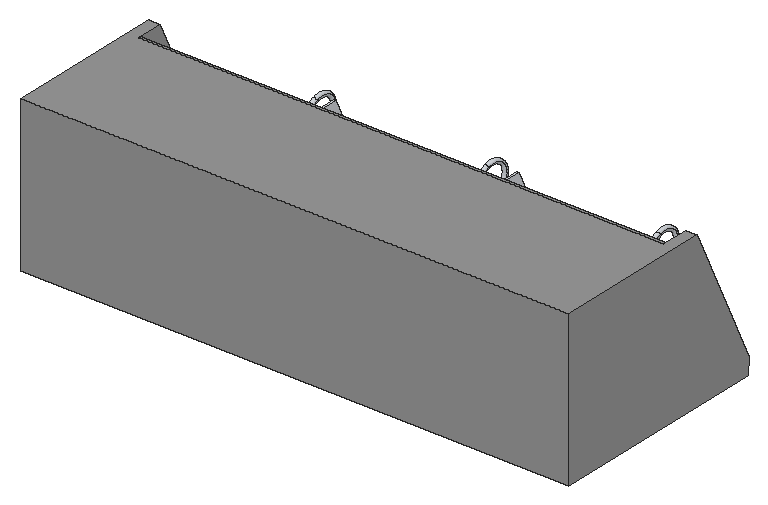
Revit family "Surgical_Scrub_Sink-Willoughby-CWSSS-3", category Plumbing Fixtures, Revit 2015
Parameters (values of type "Standard")
  Waste DIA = 1 1/2"
  Waste Connection = yes
  Vent Connection = no
  URL = "https://www.willoughby-ind.com/wp-content/uploads/2018/01/CWSSS.pdf"
  Revision = "A"
  Model = "CWSSS-3"
  Manufacturer = "Willoughby Industries"
  Inlet DIA = 0' - 0 1/2"
  HW Connection = no
  Fixture Body = Stainless Steel AISI 304-Willoughby
  Description = "Surgical Scrub Sink, Three Station"
  Default Elevation = 0' - 0"
  Contact = "800-428-4065"
  CW Connection = no
Reference planes (in)
  plane 1 "Center (Front/Back)": y = 0
  plane 2: z = 0
  plane 3 "Center (Left/Right)": x = 0
  plane 4 "Waste HGT": y = 25
  plane 5 "Bottom Of Sink": y = 16.75
  plane 6 "Top Of Unit": y = 56
Forms (in)
  Extrusion 1, solid, material "Stainless Steel AISI 304-Willoughby" <- "Fixture Body"
    sketch origin (0, 0, 0) x (0, 1, 0) y (0, 0, 1)
      loop
        line (16.75, 0) -> (56, 0) -> (56, 2.9375) -> (52.8125, 9.77312) -> (48.4375, 8.25) -> (32.125, 8.25) -> (32.125, 14.6875) -> (34.9375, 25.25) -> (40.1224, 25.25)
        arc (40.1224, 25.25) -> (40.9974, 26.125) -> (40.1224, 27) r 0.875
        line (40.1224, 27) -> (16.75, 27) -> (16.75, 0)
    from -46 to 46
  Extrusion 2, solid, material "Stainless Steel AISI 304-Willoughby" <- "Fixture Body"
    sketch origin (0, 0, 0) x (0, 1, 0) y (0, 0, 1)
      loop
        line (16.75, 27) -> (16.75, 0) -> (56, 0) -> (56, 2.9375) -> (44.77947, 27) -> (16.75, 27)
    from -46 to -48
  Extrusion 3, solid, material "Stainless Steel AISI 304-Willoughby" <- "Fixture Body"
    sketch origin (0, 0, 0) x (0, 1, 0) y (0, 0, 1)
      loop
        line (44.77947, 27) -> (16.75, 27) -> (16.75, 0) -> (56, 0) -> (56, 2.9375) -> (44.77947, 27)
    from 46 to 48
  Revolve 4, solid, material "Stainless Steel AISI 304-Willoughby" <- "Fixture Body", detail levels fine
    sketch origin (-3.125, 25, 0) x (-1, 0, 0) y (0, 0, 1)
      loop
        line (0, 0) -> (0.75, 0) -> (0.75, 3.5) -> (0, 3.5) -> (0, 0)
      axis (0, 3.5) -> (0, 0)
    angle from 0 to 360
  Extrusion 5, solid
    sketch origin (0, 0, 0) x (0, 1, 0) y (0, 0, 1)
      loop
        line (35, 25.25) -> (35, 8.25) -> (48.4375, 8.25) -> (52.8125, 9.77312) -> (45.59551, 25.25) -> (35, 25.25)
    from 15.8125 to 16.1875
  Extrusion 6, solid
    sketch origin (-32, 0, 0) x (0, 1, 0) y (0, 0, 1)
      loop
        line (35, 25.25) -> (35, 8.25) -> (48.4375, 8.25) -> (52.8125, 9.77312) -> (45.59551, 25.25) -> (35, 25.25)
    from 15.8125 to 16.1875
  Extrusion 7, solid
    sketch origin (0, 0, 0) x (1, 0, 0) y (0, 1, 0)
      loop
        circle (-41, 25) r 0.25
      loop
        circle (-38, 25) r 0.25
      loop
        circle (-9, 25) r 0.25
      loop
        circle (-6, 25) r 0.25
      loop
        circle (23, 25) r 0.25
      loop
        circle (26, 25) r 0.25
    from 0 to 1
  Sweep 8, solid
    path origin (0, 0, 0) x (0, 1, 0) y (0, 0, 1)
      loop
        line (54.41518, 6.33615) -> (61.18417, 9.49258)
        arc (61.18417, 9.49258) -> (62.55966, 13.27172) -> (58.78053, 14.64721) r 2.84375
        line (58.78053, 14.64721) -> (57.67596, 14.13214)
    profile origin (0, 57.79967, 7.91437) x (0, -0.422618, 0.906308) y (1, 0, 0)
      loop
        circle (0.02599, 0) r 0.375
  Sweep 9, solid
    path origin (-30, 0, 0) x (0, 1, 0) y (0, 0, 1)
      loop
        line (54.41518, 6.33615) -> (61.18417, 9.49258)
        arc (61.18417, 9.49258) -> (62.55966, 13.27172) -> (58.78053, 14.64721) r 2.84375
        line (58.78053, 14.64721) -> (57.67596, 14.13214)
    profile origin (-30, 57.79967, 7.91437) x (0, -0.422618, 0.906308) y (1, 0, 0)
      loop
        circle (0.02599, 0) r 0.375
  Sweep 10, solid
    path origin (30, 0, 0) x (0, 1, 0) y (0, 0, 1)
      loop
        line (54.41518, 6.33615) -> (61.18417, 9.49258)
        arc (61.18417, 9.49258) -> (62.55966, 13.27172) -> (58.78053, 14.64721) r 2.84375
        line (58.78053, 14.64721) -> (57.67596, 14.13214)
    profile origin (30, 57.79967, 7.91437) x (0, -0.422618, 0.906308) y (1, 0, 0)
      loop
        circle (0.02599, 0) r 0.375
Cuts and joins
  joined: Extrusion 1, Extrusion 2, Extrusion 3
Lines and regions (in)
  symbolic lines, detail levels fine
    curve 1: line (-14, 48.4375, 0) -> (14, 48.4375, 0)
    curve 16: line (14, 25, 14.6875) -> (-14, 25, 14.6875)
    curve 17: line (-14, 25, 9.77312) -> (14, 25, 9.77312)
  symbolic lines
    curve 2: line (0, 44.77947, 27) -> (0, 16.75, 27)
    curve 3: line (0, 16.75, 27) -> (0, 16.75, 0)
    curve 4: line (0, 16.75, 0) -> (0, 56, 0)
    curve 5: line (0, 56, 0) -> (0, 56, 2.9375)
    curve 6: line (0, 56, 2.9375) -> (0, 44.77947, 27)
    curve 7: line (-16, 25, 0) -> (16, 25, 0)
    curve 8: line (16, 25, 0) -> (16, 25, 27)
    curve 9: line (16, 25, 27) -> (-16, 25, 27)
    curve 10: line (-16, 25, 27) -> (-16, 25, 0)
    curve 11: line (16, 25, 2.9375) -> (-16, 25, 2.9375)
  symbolic lines, detail levels medium+fine
    curve 12: line (14, 25, 8.25) -> (14, 25, 25.25)
    curve 13: line (14, 25, 25.25) -> (-14, 25, 25.25)
    curve 14: line (-14, 25, 25.25) -> (-14, 25, 8.25)
    curve 15: line (-14, 25, 8.25) -> (14, 25, 8.25)
Dimensions and locks (in)
  aligned and locked: plane 6 "Top Of Unit" to Extrusion 1
  aligned and locked: Extrusion 1 sketch curve to plane 5 "Bottom Of Sink"
  aligned and locked: Revolve 4 sketch curve to Revolve 4 sketch curve  (x2)
Connectors (in)
  piping at (-3.125, 25, 0), diameter 1.5, driven by "Waste DIA", driven by "Waste Connection"
    settings: on Revolve 4, index 1, connector inside diameter 24", connector length 0' - 0", flow factor 0, pipe flow 0 GPM, pressure drop 0.00 psi, fitting loss kfactor 0, connector angle 0.00°, fixture units 0, engagement length 0' - 0", angle of deflection 0.00°, flow configuration 0, flow direction 2, fitting loss method 0, system type 16, joint type 0, gender type 0, connector reference index -1, connector utility 1, adjustable connector no, is connector primary yes, connector description "Sink Waste"
  piping at (-41, 25, 1), diameter 0.5, driven by "Inlet DIA"
    settings: on Extrusion 7, index 2, connector inside diameter 24", connector length 0' - 0", flow factor 0, pipe flow 0 GPM, pressure drop 0.00 psi, fitting loss kfactor 0, connector angle 0.00°, fixture units 0, engagement length 0' - 0", angle of deflection 0.00°, flow configuration 0, flow direction 0, fitting loss method 0, system type 19, joint type 0, gender type 0, connector reference index -1, connector utility 0, adjustable connector no, is connector primary no, connector description ""
  piping at (-38, 25, 1), diameter 0.5, driven by "Inlet DIA"
    settings: on Extrusion 7, index 3, connector inside diameter 24", connector length 0' - 0", flow factor 0, pipe flow 0 GPM, pressure drop 0.00 psi, fitting loss kfactor 0, connector angle 0.00°, fixture units 0, engagement length 0' - 0", angle of deflection 0.00°, flow configuration 0, flow direction 0, fitting loss method 0, system type 20, joint type 0, gender type 0, connector reference index -1, connector utility 0, adjustable connector no, is connector primary no, connector description ""
  piping at (-9, 25, 1), diameter 0.5, driven by "Inlet DIA"
    settings: on Extrusion 7, index 4, connector inside diameter 24", connector length 0' - 0", flow factor 0, pipe flow 0 GPM, pressure drop 0.00 psi, fitting loss kfactor 0, connector angle 0.00°, fixture units 0, engagement length 0' - 0", angle of deflection 0.00°, flow configuration 0, flow direction 0, fitting loss method 0, system type 19, joint type 0, gender type 0, connector reference index -1, connector utility 0, adjustable connector no, is connector primary no, connector description ""
  piping at (-6, 25, 1), diameter 0.5, driven by "Inlet DIA"
    settings: on Extrusion 7, index 5, connector inside diameter 24", connector length 0' - 0", flow factor 0, pipe flow 0 GPM, pressure drop 0.00 psi, fitting loss kfactor 0, connector angle 0.00°, fixture units 0, engagement length 0' - 0", angle of deflection 0.00°, flow configuration 0, flow direction 0, fitting loss method 0, system type 20, joint type 0, gender type 0, connector reference index -1, connector utility 0, adjustable connector no, is connector primary no, connector description ""
  piping at (23, 25, 1), diameter 0.5, driven by "Inlet DIA"
    settings: on Extrusion 7, index 6, connector inside diameter 24", connector length 0' - 0", flow factor 0, pipe flow 0 GPM, pressure drop 0.00 psi, fitting loss kfactor 0, connector angle 0.00°, fixture units 0, engagement length 0' - 0", angle of deflection 0.00°, flow configuration 0, flow direction 0, fitting loss method 0, system type 19, joint type 0, gender type 0, connector reference index -1, connector utility 0, adjustable connector no, is connector primary no, connector description ""
  piping at (26, 25, 1), diameter 0.5, driven by "Inlet DIA"
    settings: on Extrusion 7, index 7, connector inside diameter 24", connector length 0' - 0", flow factor 0, pipe flow 0 GPM, pressure drop 0.00 psi, fitting loss kfactor 0, connector angle 0.00°, fixture units 0, engagement length 0' - 0", angle of deflection 0.00°, flow configuration 0, flow direction 0, fitting loss method 0, system type 20, joint type 0, gender type 0, connector reference index -1, connector utility 0, adjustable connector no, is connector primary no, connector description ""
